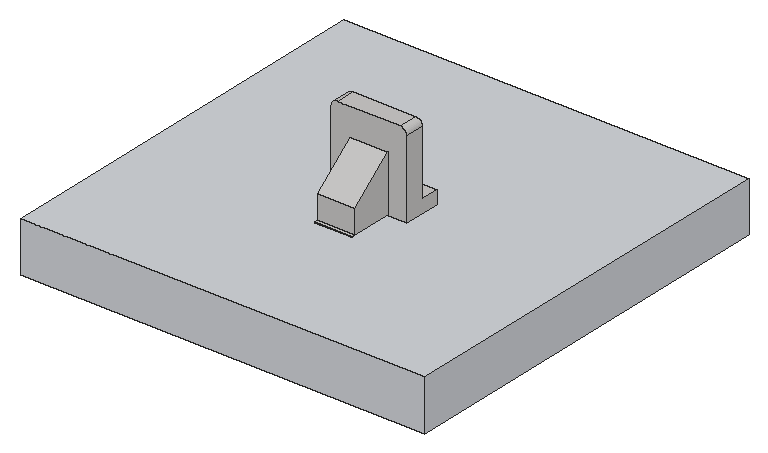
Revit family
Parameters (values of type "1652FALRB")
  Waste Connection = yes
  Voltage = 0
  Vent Connection = no
  VAC - AcornVac System = no
  URL = "http://www.acorneng.com"
  Type Comments = ""
  Tempered Water Connection = no
  TH - Single Towel Hook on Left or Right = no
  TH - Double Towel Hook on Left or Right = no
  TG - 12 Gage Cabinet = no
  TF - Transformer = no
  TB - Toothbrush Holder (Left or Right) = no
  SW - Wall Sleeve = no
  Revised Date = "26/06/12"
  Phone # = "626-336-4561"
  PBH - Hemispherical Pushbutton = no
  OF - Lavatory Overflow = no
  Model = "1652FALRB"
  Material = Type 304 Stainless Steel
  Manufacturer = "Acorn Engineering"
  MVC2-BAT - Time-Trol - Hot & Cold - Battery Operation (Batteries Not Included) = no
  MVC2 - Time-Trol - Hot & Cold = no
  MVC1-BAT - Time-Trol - Single Temp - Battery Operation (Batteries Not Included) = no
  MVC1 - Time-Trol - Single Temp = no
  MT - Metal Template (Only One Req'd per Project) = no
  LWE - Lavy Waste Extension = no
  HW Connection = yes
  H38 - Three Holes 8" Centerset (will eliminate soap depression) = no
  H34 - Three Holes 4" Centerset = no
  H28 - Two Holes 8" Centerset (will eliminate soap depression) = no
  H24 - Two Holes 4" Centerset = no
  H1 - Single Hole Centered = no
  FMT - Fixture Mounted Trim = no
  EVSP2 - Electronic Valve System w/ Piezo Pushbuttons = no
  EVSP1 - Electronic Valve System w/ Piezo Pushbutton = no
  EVS2 - Electronic Valve System - Hot & Cold = no
  EVS1 - Electronic Valve System - Single Temp = no
  EG - Enviro-Glaze, Specify Color = no
  Designed By = "ATS BIM Team"
  Description = "18\" Lavatory with Rectangular Bowl - ADA Compliant - Front Access"
  Default Elevation = 34.00"
  DMS - Deck Mounted Spout = no
  DMB - Deck Mounted Bubbler: - BP Penal Style = no
  DMB - Deck Mounted Bubbler: - BC Code Bubbler = no
  CW Connection = yes
  CI - Cycle Interrupt for Time-Trol Valves = no
  BPH - Hemispherical Penal Bubbler = no
  Assembly Code = ""
  Amperage = 0
  9 - Punched for Valve by Others (Specify Punching) = no
  4-M - Air-Control, H&C, Metering = no
  3-M - Air-Control, Single Temp, Metering = no
Reference planes (in)
  plane 1 "Center (Front/Back)": y = 0
  plane 2: z = 0
  plane 3 "Center (Left/Right)": x = 0
  plane 4: y = 4.25
  plane 5: y = -4.5
  plane 6: z = -3
  plane 7: x = 9
  plane 8: x = -9
  plane 9: z = 20
  plane 10: z = 3.07812
  plane 11: z = 5.6
  plane 12: through (0, -20.82007, 0.25078) normal (0, 0.6293, -0.7771)
  plane 13: y = -14.21432
  plane 14: through (0, -14.21432, 5.6) normal (0, 0.7771, 0.6293)
  plane 15: through (0, -5.32227, 14.48193) normal (0, 0.7771, 0.6293)
  plane 16: y = -7.75
  plane 17: y = -15.15432
  plane 18: x = -4.455
  plane 19: x = 4.455
Forms (in)
  Extrusion 1, solid
    sketch origin (0, 0, 0) x (1, 0, 0) y (0, 1, 0)
      loop
        line (-48, 48) -> (-48, -48) -> (48, -48) -> (48, 48) -> (-48, 48)
    from 0 to -12
  Extrusion 2, solid, material "Type 304 Stainless Steel" <- "Material"
    sketch origin (0, -5, 0) x (1, 0, 0) y (0, 0, -1)
      loop
        line (-9, 0) -> (-9, -18.5)
        arc (-9, -18.5) -> (-8.56066, -19.56066) -> (-7.5, -20) r 1.5
        line (-7.5, -20) -> (7.5, -20)
        arc (7.5, -20) -> (8.56066, -19.56066) -> (9, -18.5) r 1.5
        line (9, -18.5) -> (9, 0) -> (-9, 0)
    from 0.5 to 5
  Extrusion 3, solid, material "Type 304 Stainless Steel" <- "Material"
    sketch origin (-9, 0, 60) x (-1, 0, 0) y (0, 0, 1)
      loop
        line (0, -60) -> (0, -56.92188) -> (-18, -56.92188) -> (-18, -60) -> (0, -60)
    from 0 to 4.25
  Extrusion 4, solid, material "Type 304 Stainless Steel" <- "Material"
    sketch origin (0, -5, 0) x (0, 0, -1) y (0, 1, 0)
      loop
        line (0, -9.21432) -> (0, 0.5) -> (-13.4665, 0.5) -> (-5.6, -9.21432) -> (-0.125, -9.21432) -> (-0.125, -10.15432) -> (0, -10.15432) -> (0, -9.21432)
    from -4.455 to 4.455
  Extrusion 5, void
    sketch origin (-9, 0, 60) x (1, 0, 0) y (0, 0, 1)
      loop
        circle (9, -49.98401) r 1
    from 4.25 to 5.33232
  Extrusion 6, solid
    sketch origin (0, -34.62958, -11) x (1, 0, 0) y (0, 1, 0)
      loop
        circle (0, 26.87958) r 0.75
    from 8 to 19.35492
  Extrusion 7, void
    sketch origin (0, 0, 0) x (1, 0, 0) y (0, 0, 1)
      loop
        line (6, 18.5) -> (-6, 18.5)
        arc (-6, 18.5) -> (-7.06066, 18.06066) -> (-7.5, 17) r 1.5
        line (-7.5, 17) -> (-7.5, 9.25)
        arc (-7.5, 9.25) -> (-7.06066, 8.18934) -> (-6, 7.75) r 1.5
        line (-6, 7.75) -> (6, 7.75)
        arc (6, 7.75) -> (7.06066, 8.18934) -> (7.5, 9.25) r 1.5
        line (7.5, 9.25) -> (7.5, 17)
        arc (7.5, 17) -> (7.06066, 18.06066) -> (6, 18.5) r 1.5
    from 0 to 4.25
Cuts and joins
  Extrusion 5, Extrusion 7 cuts Extrusion 2
  Extrusion 7 cuts Extrusion 3
  joined: Extrusion 2, Extrusion 3
  Extrusion 7 cuts Extrusion 4
  Extrusion 7 cuts Extrusion 6
Dimensions and locks (in)
  plane 1 "Center (Front/Back)" to plane 4 = 4.25"
  plane 5 to plane 1 "Center (Front/Back)" = 4.50"
  Extrusion 1 to plane 6 = 3.00"
  cut or joined group of Extrusion 2, Extrusion 3, Extrusion 5, Extrusion 7 to cut or joined group of Extrusion 2, Extrusion 3, Extrusion 5, Extrusion 7 = 18.00"
  Extrusion 1 to cut or joined group of Extrusion 2, Extrusion 3, Extrusion 5, Extrusion 7 = 20.00"
  plane 10 to plane 2 = 3.07812"
  plane 4 to plane 1 "Center (Front/Back)" to plane 5 = 4.25", 4.50"
  plane 11 to plane 2 = 5.60"
  plane 15 to plane 14 = 12.50"
  plane 13 to plane 17 = 0.94"
  plane 16 to plane 4 = 12.00"
  plane 18 to plane 19 = 8.91"
  plane 8 to plane 18 = 4.545"
  plane 19 to plane 7 = 4.545"
  angle plane 12 to plane 13 = 129.00°
  aligned and locked: plane 2 to Extrusion 1
  aligned and locked: level to Extrusion 1
Connectors (in)
  piping at (0, -7.75, -3)
    settings: on Extrusion 6, index 2
